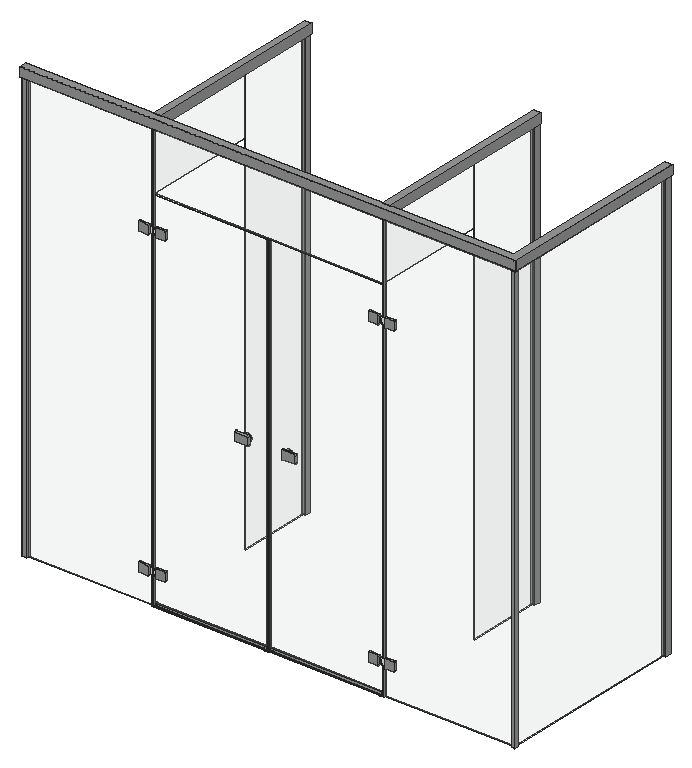
Revit family "Sanitary_Bath-screens_Modular system_Duscholux_SYSTEM210_S21-C", category Aparatos sanitarios, Revit 2019
Family settings
  Cota de conector redondo = Diámetro de uso
  Tipo de pieza = Normal
  Número OmniClass = 23.45.00.00
  Título OmniClass = Sanitary, Laundry, and Cleaning Equipment
  Se basa en plano de trabajo = No
  Siempre vertical = Sí
  Corte con vacíos al cargar = No
  Compartido = No
  Punto de cálculo de habitación = No
Parameters (values of type "Black Aluminium Finish")
  Uper profile guide = Anodized Aluminium_Duscholux Material-Black Finish
  Superior Glass Height = if(Max Doors Height < 2100 mm, 1 mm, (Max Height - 2134 mm))  # 366 mm
  Min Max Length fixed segment 2 = if(Length fixed segment 2 < 180 mm, 180 mm, if(Length fixed segment 2 > 1400 mm, 1400 mm, Length fixed segment 2))  # 750 mm
  Min Max Length fixed segment = if(Length fixed segment 1 < 180 mm, 180 mm, if(Length fixed segment 1 > 1400 mm, 1400 mm, Length fixed segment 1))  # 750 mm
  Min Max Doors aperture = if(Doors aperture < 400 mm, 400 mm, if(Doors aperture > 1000 mm, 1000 mm, Doors aperture))  # 650 mm
  Min Max Length Central fixed segments = if(Length Central fixed segments < 180 mm, 180 mm, if(Length Central fixed segments > 1400 mm, 1400 mm, Length Central fixed segments))  # 450 mm
  Max Doors Height = if(Max Height > 2154 mm, 2100 mm, (Max Height - 34 mm))  # 2100 mm
  Length fixed segment 2 = 750 mm
  Length fixed segment 1 = 750 mm
  Lenght = Min Max Length fixed segment + Min Max Length fixed segment 2 + (Min Max Doors aperture * 2)  # 2800 mm
  Uniclass 2015 Description = "Shower Enclosures"
  Uniclass 2015 Code = "PR-40-20-06-79"
  URL = "http://www.duscholux.es/"
  UNSPSC Code = "30181507"
  Thickness Glass = 6 mm  # constant formula
  Thickness Fixed Segment = 8 mm  # constant formula
  Technical Inspection Certificate (Applus) = "http://www.duscholux.es/resources/custom/var/APPLUS_en.pdf"
  Series = "SYSTEM 210"
  Ref. = "S21_C"
  Products = "http://www.duscholux.es/mamparas_filtro.aspx?es"
  Openning right angle = 0.00°
  Openning left angle = 0.00°
  Opening System Image = "https://duscholux.es/resources/custom/img/System21/S21_C.jpg"
  Opening System = "Pivot Door"
  NBS Reference Description = "Shower Enclosures"
  NBS Reference Code = "45-35-70"
  Model = ""
  Max Height = if(Height < 1900 mm, 1900 mm, if(Height > 2500 mm, 2500 mm, Height))  # 2500 mm
  Maintenance and Cleaning = "http://www.duscholux.es/mamparas_limpieza.aspx?en"
  Image = "https://duscholux.es/resources/custom/img/System21/System21%205%20NEGRO%20baja.jpg"
  IFC Classification = "Furnishing Element"
  Height = 2500 mm
  Handle Material = Anodized Aluminium_Duscholux Material-Black Finish
  Handle Height = Max Doors Height / 2  # 1050 mm
  Glass in Building UNE EN 12150 = "CE Conformity marking"
  Glass Material = Glass_Material-Duscholux
  Frame Material = Anodized Aluminium_Duscholux Material-Black Finish
  Length Central fixed segments = 450 mm
  Fact Sheet = "https://duscholux.es/mamparas_system210.aspx?es"
  Fabricante = "Duscholux Ibérica, S.A."
  Environmental Management ISO 14001 = "ECOEMBES Certificate"
  Doors aperture = 650 mm
  Descripción = "Modular system with fixed segments + pivot doors at 180º for different types of rooms"
  Código de montaje = "C1030200"
  Configuration enclosure = "http://configuratumampara.duscholux.es/eCatalogo.aspx"
  Components = "Eropean components"
  Type Comments = ""
  Combinations = "Customizable upper guide"
  Certified Quality UNE EN 14428 = "http://www.duscholux.es/duscholux_downloads.aspx?es"
  COBIe Type Category = ""
  Accesories Material = Anodized Aluminium_Duscholux Material-Black Finish
Reference planes
  plane 1 "Centro (Frontal/Posterior)": y = 0
  plane 2: z = 0
  plane 3 "Centro (Izquierda/Derecha)": x = 0
  plane 4 "Altura total": z = 2500
  plane 5 "Altura tiradores": z = 1050
  plane 6: x = 4
  plane 7: y = 0
  plane 8 "Espesor puertas": y = 6
  plane 9 "Longitud total": x = 2800
  plane 10: z = 1920
  plane 11 "Espesor fijos": y = 8
  plane 12: x = 750
  plane 13: z = 8
  plane 14 "Altura bisagra inferior": z = 180
  plane 15: x = 2050
  plane 16 "Ancho total": y = 1100
  plane 17: x = 2796
  plane 18: x = 2804
  plane 19 "Inicio guía superior": z = 2446
  plane 20: z = 1920
  plane 21 "Altura vidrios": z = 2466
  plane 22 "Altura puertas": z = 2100
  plane 23 "Altura bisagra superior": z = 1920
  plane 24: y = 3
  plane 25 "Eje inicio puerta 1": x = 747
  plane 26 "Eje inicio puerta 2": x = 2053
  plane 27: y = 650
  plane 28: y = 0
Forms (mm)
  Extrusion 1, solid, material "Glass_Material-Duscholux" <- "Glass Material"
    sketch origin (0, 0, 0) x (1, 0, 0) y (0, 1, 0)
      loop
        line (6, 8) -> (6, 0) -> (744, 0) -> (744, 8) -> (6, 8)
    from 0 to 2466
  Extrusion 2, solid, material "Glass_Material-Duscholux" <- "Glass Material"
    sketch origin (750, 0, 0) x (1, 0, 0) y (0, 1, 0)
      loop
        line (0, 6) -> (0, 0) -> (644.7, 0) -> (644.7, 6) -> (0, 6)
    from 8 to 2100
  Extrusion 3, solid, material "Plástico, transparente"
    sketch origin (-322.583, -171.096, 0) x (1, 0, 0) y (0, 1, 0)
      loop
        line (1066.583, 179.096) -> (1066.583, 171.096) -> (1061.583, 171.096) -> (1061.583, 170.096) -> (1066.583, 170.096) -> (1071.183, 170.096)
        arc (1071.183, 170.096) -> (1072.583, 175.096) -> (1071.183, 180.096) r 9.629
        line (1071.183, 180.096) -> (1066.583, 180.096) -> (1061.583, 180.096) -> (1061.583, 179.096) -> (1066.583, 179.096)
      loop
        line (1067.583, 170.596) -> (1070.927, 170.596)
        arc (1070.927, 170.596) -> (1072.083, 175.096) -> (1070.927, 179.596) r 9.338
        line (1070.927, 179.596) -> (1067.583, 179.596) -> (1067.583, 170.596)
    from 1937.5 to 2446
  Extrusion 4, solid, material "Plástico, transparente"
    sketch origin (-322.583, -171.096, 0) x (1, 0, 0) y (0, 1, 0)
      loop
        line (1066.583, 179.096) -> (1066.583, 171.096) -> (1061.583, 171.096) -> (1061.583, 170.096) -> (1066.583, 170.096) -> (1071.183, 170.096)
        arc (1071.183, 170.096) -> (1072.583, 175.096) -> (1071.183, 180.096) r 9.629
        line (1071.183, 180.096) -> (1066.583, 180.096) -> (1061.583, 180.096) -> (1061.583, 179.096) -> (1066.583, 179.096)
      loop
        line (1067.583, 170.596) -> (1070.927, 170.596)
        arc (1070.927, 170.596) -> (1072.083, 175.096) -> (1070.927, 179.596) r 9.338
        line (1070.927, 179.596) -> (1067.583, 179.596) -> (1067.583, 170.596)
    from 197.5 to 1902.5
  Extrusion 5, solid, material "Plástico, transparente"
    sketch origin (-322.583, -171.096, 0) x (1, 0, 0) y (0, 1, 0)
      loop
        line (1066.583, 179.096) -> (1066.583, 171.096) -> (1061.583, 171.096) -> (1061.583, 170.096) -> (1066.583, 170.096) -> (1071.183, 170.096)
        arc (1071.183, 170.096) -> (1072.583, 175.096) -> (1071.183, 180.096) r 9.629
        line (1071.183, 180.096) -> (1066.583, 180.096) -> (1061.583, 180.096) -> (1061.583, 179.096) -> (1066.583, 179.096)
      loop
        line (1067.583, 170.596) -> (1070.927, 170.596)
        arc (1070.927, 170.596) -> (1072.083, 175.096) -> (1070.927, 179.596) r 9.338
        line (1070.927, 179.596) -> (1067.583, 179.596) -> (1067.583, 170.596)
    from 0 to 162.5
  Extrusion 6, solid, material "Glass_Material-Duscholux" <- "Glass Material"
    sketch origin (1400, 0, 0) x (1, 0, 0) y (0, 1, 0)
      loop
        line (5.3, 6) -> (5.3, 0) -> (650, 0) -> (650, 6) -> (5.3, 6)
    from 8 to 2100
  Extrusion 7, solid, material "Plástico, transparente"
    sketch origin (1622.583, -171.096, 0) x (-1, 0, 0) y (0, -1, 0)
      loop
        line (-433.417, -179.096) -> (-438.417, -179.096) -> (-438.417, -180.096) -> (-433.417, -180.096) -> (-428.817, -180.096)
        arc (-428.817, -180.096) -> (-427.417, -175.096) -> (-428.817, -170.096) r 9.629
        line (-428.817, -170.096) -> (-433.417, -170.096) -> (-438.417, -170.096) -> (-438.417, -171.096) -> (-433.417, -171.096) -> (-433.417, -179.096)
      loop
        line (-432.417, -170.596) -> (-432.417, -179.596) -> (-429.073, -179.596)
        arc (-429.073, -179.596) -> (-427.917, -175.096) -> (-429.073, -170.596) r 9.338
        line (-429.073, -170.596) -> (-432.417, -170.596)
    from 1937.5 to 2446
  Extrusion 8, solid, material "Glass_Material-Duscholux" <- "Glass Material"
    sketch origin (0, 0, 0) x (1, 0, 0) y (0, 1, 0)
      loop
        line (2056, 8) -> (2056, 0) -> (2790.153, 0) -> (2790.153, 8) -> (2056, 8)
    from 0 to 2466
  Extrusion 9, solid, material "Plástico, transparente"
    sketch origin (1622.583, -171.096, 0) x (-1, 0, 0) y (0, -1, 0)
      loop
        line (-433.417, -179.096) -> (-438.417, -179.096) -> (-438.417, -180.096) -> (-433.417, -180.096) -> (-428.817, -180.096)
        arc (-428.817, -180.096) -> (-427.417, -175.096) -> (-428.817, -170.096) r 9.629
        line (-428.817, -170.096) -> (-433.417, -170.096) -> (-438.417, -170.096) -> (-438.417, -171.096) -> (-433.417, -171.096) -> (-433.417, -179.096)
      loop
        line (-432.417, -170.596) -> (-432.417, -179.596) -> (-429.073, -179.596)
        arc (-429.073, -179.596) -> (-427.917, -175.096) -> (-429.073, -170.596) r 9.338
        line (-429.073, -170.596) -> (-432.417, -170.596)
    from 197.5 to 1902.5
  Extrusion 10, solid, material "Plástico, transparente"
    sketch origin (1622.583, -171.096, 0) x (-1, 0, 0) y (0, -1, 0)
      loop
        line (-433.417, -179.096) -> (-438.417, -179.096) -> (-438.417, -180.096) -> (-433.417, -180.096) -> (-428.817, -180.096)
        arc (-428.817, -180.096) -> (-427.417, -175.096) -> (-428.817, -170.096) r 9.629
        line (-428.817, -170.096) -> (-433.417, -170.096) -> (-438.417, -170.096) -> (-438.417, -171.096) -> (-433.417, -171.096) -> (-433.417, -179.096)
      loop
        line (-432.417, -170.596) -> (-432.417, -179.596) -> (-429.073, -179.596)
        arc (-429.073, -179.596) -> (-427.917, -175.096) -> (-429.073, -170.596) r 9.338
        line (-429.073, -170.596) -> (-432.417, -170.596)
    from 0 to 162.5
  Extrusion 11, solid, material "Anodized Aluminium_Duscholux Material-Black Finish" <- "Frame Material"
    sketch origin (-3.847, 0, 0) x (1, 0, 0) y (0, 1, 0)
      loop
        line (2799.647, 14.15) -> (2799.647, 17.65) -> (2797.497, 17.65) -> (2797.497, 10.35) -> (2790.5, 10.35) -> (2790.5, 8.2) -> (2794, 8.2) -> (2794, -0.2) -> (2790.5, -0.2) -> (2790.5, -2.35) -> (2810.197, -2.35) -> (2810.197, 17.65) -> (2808.047, 17.65) -> (2808.047, 14.15) -> (2799.647, 14.15)
    from 0 to 2446
  Extrusion 12, solid, material "Glass_Material-Duscholux" <- "Glass Material"
    sketch origin (0, 0, 0) x (1, 0, 0) y (0, 1, 0)
      loop
        line (2796, 14.15) -> (2804, 14.15) -> (2804, 1093.362) -> (2796, 1093.362) -> (2796, 14.15)
    from 0 to 2466
  Extrusion 13, solid, material "Anodized Aluminium_Duscholux Material-Black Finish" <- "Frame Material"
    sketch origin (0, 99.299, 0) x (1, 0, 0) y (0, 1, 0)
      loop
        line (2790, 999.201) -> (2810, 999.201) -> (2810, 979.851) -> (2804.3, 979.851) -> (2804.3, 969.201) -> (2811.5, 969.201) -> (2811.5, 1000.701) -> (2788.5, 1000.701) -> (2788.5, 969.201) -> (2795.7, 969.201) -> (2795.7, 979.851) -> (2790, 979.851) -> (2790, 999.201)
    from 0 to 2446
  Extrusion 14, solid, material "Anodized Aluminium_Duscholux Material-Black Finish" <- "Accesories Material"
    sketch origin (0, 0, 0) x (1, 0, 0) y (0, 0, 1)
      loop
        line (2821.849, 2446) -> (2821.849, 2447.8) -> (2819.349, 2447.8) -> (2819.349, 2498.2) -> (2821.849, 2498.2) -> (2821.849, 2500) -> (2780.019, 2500) -> (2780.019, 2446) -> (2794.119, 2446) -> (2794.119, 2488.9) -> (2805.881, 2488.9) -> (2805.881, 2446) -> (2821.849, 2446)
    from -1100 to -23.981
  Extrusion 15, solid, material "Anodized Aluminium_Duscholux Material-Black Finish" <- "Accesories Material"
    sketch origin (0, 0, 0) x (0, 1, 0) y (0, 0, 1)
      loop
        line (-17.849, 2500) -> (-17.849, 2498.2) -> (-15.349, 2498.2) -> (-15.349, 2447.8) -> (-17.849, 2447.8) -> (-17.849, 2446) -> (-1.881, 2446) -> (-1.881, 2488.9) -> (9.881, 2488.9) -> (9.881, 2446) -> (23.981, 2446) -> (23.981, 2500) -> (-17.849, 2500)
    from 0 to 2819.546
  Extrusion 16, solid, material "Anodized Aluminium_Duscholux Material-Black Finish" <- "Uper profile guide"
    sketch origin (0, 0, 0) x (1, 0, 0) y (0, 0, 1)
      loop
        line (2821.946, 2498) -> (2819.546, 2498) -> (2819.546, 2448) -> (2821.946, 2448) -> (2821.946, 2498)
    from -1100 to 15.349
  Extrusion 17, solid, material "Anodized Aluminium_Duscholux Material-Black Finish" <- "Uper profile guide"
    sketch origin (0, 0, 0) x (0, 1, 0) y (0, 0, 1)
      loop
        line (-15.546, 2498) -> (-17.946, 2498) -> (-17.946, 2448) -> (-15.546, 2448) -> (-15.546, 2498)
    from 0 to 2821.946
  Extrusion 18, solid, material "Anodized Aluminium_Duscholux Material-Black Finish" <- "Accesories Material"
    sketch origin (0, 0, 0) x (1, 0, 0) y (0, 0, 1)
      loop
        line (2821.849, 2500) -> (2819.546, 2500) -> (2819.546, 2498.2) -> (2821.849, 2498.2) -> (2821.849, 2500)
    from -23.981 to 17.849
  Extrusion 19, solid, material "Anodized Aluminium_Duscholux Material-Black Finish" <- "Accesories Material"
    sketch origin (0, 0, 0) x (1, 0, 0) y (0, 0, 1)
      loop
        line (2821.849, 2446) -> (2821.849, 2447.8) -> (2819.546, 2447.8) -> (2819.546, 2446) -> (2821.849, 2446)
    from -23.981 to 17.849
  Extrusion 20, solid, material "Glass_Material-Duscholux" <- "Glass Material"
    sketch origin (0, 0, 0) x (1, 0, 0) y (0, 1, 0)
      loop
        line (2050, 8) -> (750, 8) -> (750, 0) -> (2050, 0) -> (2050, 8)
    from 2100 to 2466
  Extrusion 21, solid, material "Anodized Aluminium_Duscholux Material-Black Finish" <- "Frame Material"
    sketch origin (773.934, 0, 0) x (1, 0, 0) y (0, 0, 1)
      loop
        line (1299.981, 2500) -> (1258.151, 2500) -> (1258.151, 2446) -> (1274.119, 2446) -> (1274.119, 2488.9) -> (1285.881, 2488.9) -> (1285.881, 2446) -> (1299.981, 2446) -> (1299.981, 2500)
    from -1100 to -23.981
  Extrusion 22, solid, material "Anodized Aluminium_Duscholux Material-Black Finish" <- "Frame Material"
    sketch origin (-772.066, 0, 0) x (1, 0, 0) y (0, 0, 1)
      loop
        line (1539.981, 2500) -> (1498.151, 2500) -> (1498.151, 2446) -> (1514.119, 2446) -> (1514.119, 2488.9) -> (1525.881, 2488.9) -> (1525.881, 2446) -> (1539.981, 2446) -> (1539.981, 2500)
    from -1100 to -23.981
  Extrusion 23, solid, material "Anodized Aluminium_Duscholux Material-Black Finish" <- "Frame Material"
    sketch origin (-77, 99.299, 0) x (1, 0, 0) y (0, 1, 0)
      loop
        line (2120, 999.201) -> (2140, 999.201) -> (2140, 979.851) -> (2134.3, 979.851) -> (2134.3, 969.201) -> (2141.5, 969.201) -> (2141.5, 1000.701) -> (2118.5, 1000.701) -> (2118.5, 969.201) -> (2125.7, 969.201) -> (2125.7, 979.851) -> (2120, 979.851) -> (2120, 999.201)
    from 0 to 2446
  Extrusion 24, solid, material "Anodized Aluminium_Duscholux Material-Black Finish" <- "Frame Material"
    sketch origin (-1623, 99.299, 0) x (1, 0, 0) y (0, 1, 0)
      loop
        line (2360, 999.201) -> (2380, 999.201) -> (2380, 979.851) -> (2374.3, 979.851) -> (2374.3, 969.201) -> (2381.5, 969.201) -> (2381.5, 1000.701) -> (2358.5, 1000.701) -> (2358.5, 969.201) -> (2365.7, 969.201) -> (2365.7, 979.851) -> (2360, 979.851) -> (2360, 999.201)
    from 0 to 2446
  Extrusion 25, solid, material "Anodized Aluminium_Duscholux Material-Black Finish" <- "Frame Material"
    sketch origin (900.701, -2096, 0) x (0, 1, 0) y (-1, 0, 0)
      loop
        line (2090, 899.201) -> (2110, 899.201) -> (2110, 879.851) -> (2104.3, 879.851) -> (2104.3, 869.201) -> (2111.5, 869.201) -> (2111.5, 900.701) -> (2088.5, 900.701) -> (2088.5, 869.201) -> (2095.7, 869.201) -> (2095.7, 879.851) -> (2090, 879.851) -> (2090, 899.201)
    from 0 to 2446
  Extrusion 26, solid, material "Anodized Aluminium_Duscholux Material-Black Finish" <- "Frame Material"
    sketch origin (1400, 0, 0) x (1, 0, 0) y (0, 1, 0)
      loop
        line (7.26, 6.095) -> (7.26, 7.095) -> (4.408, 7.807) -> (0.7, 7.547) -> (0, 6.593) -> (0, -0.593) -> (0.7, -1.547) -> (4.408, -1.807) -> (7.26, -1.095) -> (7.26, -0.095) -> (5.3, -0.095) -> (5.3, 3) -> (5.3, 6.095) -> (7.26, 6.095)
    from 0 to 2100
  Extrusion 27, solid, material "Anodized Aluminium_Duscholux Material-Black Finish" <- "Frame Material"
    sketch origin (750, 0, 0) x (1, 0, 0) y (0, 1, 0)
      loop
        line (649.3, 7.547) -> (645.592, 7.807) -> (642.74, 7.095) -> (642.74, 6.095) -> (644.7, 6.095) -> (644.7, 3) -> (644.7, -0.095) -> (642.74, -0.095) -> (642.74, -1.095) -> (645.592, -1.807) -> (649.3, -1.547) -> (650, -0.593) -> (650, 6.593) -> (649.3, 7.547)
    from 0 to 2100
  Extrusion 28, solid, material "Glass_Material-Duscholux" <- "Glass Material"
    sketch origin (0, 0, 0) x (1, 0, 0) y (0, 1, 0)
      loop
        line (743, 650) -> (743, 9.881) -> (751, 9.881) -> (751, 650) -> (743, 650)
    from 2100 to 2466
  Extrusion 29, solid, material "Glass_Material-Duscholux" <- "Glass Material"
    sketch origin (0, 0, 0) x (1, 0, 0) y (0, 1, 0)
      loop
        line (751, 650) -> (751, 1093.106) -> (743, 1093.106) -> (743, 650) -> (751, 650)
    from 0 to 2466
  Extrusion 30, solid, material "Glass_Material-Duscholux" <- "Glass Material"
    sketch origin (0, 0, 0) x (1, 0, 0) y (0, 1, 0)
      loop
        line (2057, 9.881) -> (2057, 650) -> (2049.03, 650) -> (2049.03, 9.881) -> (2057, 9.881)
    from 2100 to 2466
  Extrusion 31, solid, material "Glass_Material-Duscholux" <- "Glass Material"
    sketch origin (0, 0, 0) x (1, 0, 0) y (0, 1, 0)
      loop
        line (2057, 650) -> (2057, 1093.362) -> (2049.03, 1093.362) -> (2049.03, 650) -> (2057, 650)
    from 0 to 2466
Cuts and joins
  joined: Extrusion 14, Extrusion 15, Extrusion 18, Extrusion 19
Lines and regions (mm)
  reference lines
    curve 1: line (750, 0, 0) -> (1400, 0, 0)
    curve 2: line (1400, 0, 0) -> (2050, 0, 0)
    curve 7: line (1520.26, -53.508, 0) -> (1520.26, 156.492, 0)
  symbolic lines
    curve 3: line (750, 650, 0) -> (750, 0, 0)
    curve 4: line (2050, 650, 0) -> (2050, 0, 0)
    curve 5: line (2050, -650, 0) -> (2050, 0, 0)
    curve 6: arc (2050, -650, 0) -> (1400, 0, 0) -> (2050, 650, 0) r 650
    curve 8: arc (750, -650, 0) -> (1400, 0, 0) -> (750, 650, 0) r 650
    curve 9: line (750, -650, 0) -> (750, 0, 0)
Dimensions and locks
  locked: plane 3 "Centro (Izquierda/Derecha)" to plane 6 at 4
  "Handle Height": plane 5 "Altura tiradores" to level
  "Lenght": plane 3 "Centro (Izquierda/Derecha)" to plane 9 "Longitud total"
  locked: nested 3 to Extrusion 4 at 17.5
  locked: Extrusion 3 to plane 10 at 17.5
  "Min Max Length fixed segment": plane 3 "Centro (Izquierda/Derecha)" to plane 12
  locked: nested 3 to plane 12 at 6
  locked: plane 12 to nested 3 at 6
  "Min Max Doors aperture": curve 1 to curve 1
  locked: plane 13 to level at 8
  locked: plane 14 "Altura bisagra inferior" to level at 180
  "Max Height": plane 4 "Altura total" to level
  "Min Max Length fixed segment 2": plane 15 to plane 9 "Longitud total"
  "Min Max Doors aperture": curve 2 to curve 2
  "Min Max Doors aperture": curve 3 to curve 3
  "Min Max Doors aperture": curve 4 to curve 4
  "Min Max Doors aperture": curve 5 to curve 5
  "Thickness Fixed Segment": Extrusion 1 to Extrusion 1
  "Thickness Fixed Segment": Extrusion 8 to Extrusion 8
  plane 17 to plane 9 "Longitud total" to plane 18 = 4 mm locked, 4 mm locked
  locked: plane 16 "Ancho total" to Extrusion 12 at 6.638
  locked: Extrusion 14 to plane 9 "Longitud total" at 19.981
  locked: plane 9 "Longitud total" to Extrusion 16 at 19.546
  locked: Extrusion 16 to cut or joined group of Extrusion 14, Extrusion 15, Extrusion 18, Extrusion 19 at 2.4
  locked: plane 4 "Altura total" to plane 19 "Inicio guía superior" at 54
  locked: plane 21 "Altura vidrios" to plane 19 "Inicio guía superior" at 20
  "Max Doors Height": plane 22 "Altura puertas" to level
  locked: plane 22 "Altura puertas" to plane 23 "Altura bisagra superior" at 180
  "Superior Glass Height": Extrusion 20 to plane 22 "Altura puertas"
  locked: plane 25 "Eje inicio puerta 1" to plane 12 at 3
  locked: plane 15 to plane 26 "Eje inicio puerta 2" at 3
  locked: Extrusion 25 to plane 7 at 7.5
  "Min Max Doors aperture": plane 27 to plane 7
  "Superior Glass Height": Extrusion 28 to plane 22 "Altura puertas"
  locked: plane 16 "Ancho total" to Extrusion 29 at 6.894
  "Superior Glass Height": Extrusion 30 to plane 22 "Altura puertas"
  "Min Max Length Central fixed segments": plane 16 "Ancho total" to plane 27
  "Min Max Doors aperture": curve 9 to curve 9
  "Openning right angle": angle plane 7 to curve 2
  locked: curve 7 to curve 2 (angle 90.00°)
  "Openning left angle": angle curve 1 to plane 28
  aligned and locked: level to plane 2
  aligned and locked: plane 12 to curve 1
  aligned and locked: plane 7 to curve 1
  aligned and locked: nested 3 to plane 10
  aligned and locked: nested 4 to Extrusion 2
  aligned and locked: nested 2 to Extrusion 2
  aligned and locked: nested 5 to plane 10
  aligned and locked: nested 5 to Extrusion 2
  aligned and locked: Extrusion 2 to plane 13
  aligned and locked: Extrusion 5 to level
  aligned and locked: curve 2 to plane 7
  aligned and locked: plane 15 to curve 2
  aligned and locked: Extrusion 2 to Extrusion 6
  aligned and locked: plane 10 to nested 9
  aligned and locked: plane 10 to nested 7
  aligned and locked: Extrusion 3 to Extrusion 7
  aligned and locked: Extrusion 9 to Extrusion 4
  aligned and locked: Extrusion 4 to Extrusion 9
  aligned and locked: Extrusion 10 to Extrusion 8
  aligned and locked: Extrusion 10 to Extrusion 5
  aligned and locked: Extrusion 8 to nested 9
  aligned and locked: Extrusion 8 to nested 8
  aligned and locked: plane 5 "Altura tiradores" to nested 12
  aligned and locked: nested 11 to plane 5 "Altura tiradores"
  aligned and locked: Extrusion 8 to Extrusion 11
  aligned and locked: Extrusion 12 sketch curve to plane 17
  aligned and locked: plane 18 to Extrusion 12 sketch curve
  aligned and locked: plane 16 "Ancho total" to Extrusion 13
  aligned and locked: plane 16 "Ancho total" to Extrusion 14
  aligned and locked: plane 19 "Inicio guía superior" to Extrusion 13
  aligned and locked: plane 19 "Inicio guía superior" to Extrusion 7
  aligned and locked: plane 16 "Ancho total" to Extrusion 16
  aligned and locked: Extrusion 15 to Extrusion 17
  aligned and locked: Extrusion 15 to Extrusion 16
  aligned and locked: Extrusion 18 sketch curve to cut or joined group of Extrusion 14, Extrusion 15, Extrusion 18, Extrusion 19  (x3)
  aligned and locked: cut or joined group of Extrusion 14, Extrusion 15, Extrusion 18, Extrusion 19 to Extrusion 18 sketch curve
  aligned and locked: Extrusion 18 to cut or joined group of Extrusion 14, Extrusion 15, Extrusion 18, Extrusion 19
  aligned and locked: Extrusion 19 sketch curve to cut or joined group of Extrusion 14, Extrusion 15, Extrusion 18, Extrusion 19  (x3)
  aligned and locked: cut or joined group of Extrusion 14, Extrusion 15, Extrusion 18, Extrusion 19 to Extrusion 19 sketch curve
  aligned and locked: Extrusion 19 to cut or joined group of Extrusion 14, Extrusion 15, Extrusion 18, Extrusion 19  (x2)
  aligned and locked: Extrusion 17 to Extrusion 16
  aligned and locked: plane 19 "Inicio guía superior" to Extrusion 11
  aligned and locked: Extrusion 15 to plane 3 "Centro (Izquierda/Derecha)"
  aligned and locked: Extrusion 3 to cut or joined group of Extrusion 14, Extrusion 15, Extrusion 18, Extrusion 19
  aligned and locked: cut or joined group of Extrusion 14, Extrusion 15, Extrusion 18, Extrusion 19 to plane 19 "Inicio guía superior"
  aligned and locked: plane 21 "Altura vidrios" to Extrusion 12
  aligned and locked: plane 21 "Altura vidrios" to Extrusion 8
  aligned and locked: plane 21 "Altura vidrios" to Extrusion 1
  aligned and locked: plane 22 "Altura puertas" to Extrusion 6
  aligned and locked: plane 22 "Altura puertas" to Extrusion 2
  aligned and locked: plane 10 to plane 23 "Altura bisagra superior"
  aligned and locked: Extrusion 20 to Extrusion 6
  aligned and locked: plane 15 to Extrusion 20
  aligned and locked: plane 16 "Ancho total" to Extrusion 21
  aligned and locked: plane 16 "Ancho total" to Extrusion 22
  aligned and locked: plane 19 "Inicio guía superior" to Extrusion 23
  aligned and locked: plane 19 "Inicio guía superior" to Extrusion 24
  aligned and locked: Extrusion 25 to plane 3 "Centro (Izquierda/Derecha)"
  aligned and locked: plane 19 "Inicio guía superior" to Extrusion 25
  aligned and locked: Extrusion 26 to nested 10
  aligned and locked: plane 22 "Altura puertas" to Extrusion 26
  aligned and locked: Extrusion 27 to Extrusion 2
  aligned and locked: plane 22 "Altura puertas" to Extrusion 27
  aligned and locked: nested 4 to Extrusion 27
  aligned and locked: Extrusion 28 to Extrusion 2
  aligned and locked: cut or joined group of Extrusion 14, Extrusion 15, Extrusion 18, Extrusion 19 to Extrusion 28
  aligned and locked: Extrusion 29 sketch curve to Extrusion 28
  aligned and locked: Extrusion 29 to plane 27
  aligned and locked: plane 21 "Altura vidrios" to Extrusion 29
  aligned and locked: plane 27 to Extrusion 30
  aligned and locked: cut or joined group of Extrusion 14, Extrusion 15, Extrusion 18, Extrusion 19 to Extrusion 30
  aligned and locked: Extrusion 30 to plane 22 "Altura puertas"
  aligned and locked: Extrusion 31 sketch curve to Extrusion 30
  aligned and locked: Extrusion 12 to Extrusion 31
  aligned and locked: plane 21 "Altura vidrios" to Extrusion 31
  aligned and locked: Extrusion 20 to plane 12
  aligned and locked: nested 12 to curve 7
  aligned and locked: plane 28 to plane 1 "Centro (Frontal/Posterior)"
  aligned and locked: Extrusion 6 to curve 2
  aligned and locked: nested 10 to Extrusion 6
Automatic sketch dimensions
  curve 2 to curve 7 = 120.26 mm
  curve 2 to curve 7 = 53.508 mm
  curve 3 to plane 12 = 0 mm
  curve 6 to plane 15 = 0 mm
  plane 1 "Centro (Frontal/Posterior)" to curve 5 = 0 mm
  plane 1 "Centro (Frontal/Posterior)" to curve 9 = 0 mm
  plane 1 "Centro (Frontal/Posterior)" to Extrusion 1 sketch curve = 0 mm
  Extrusion 1 sketch curve to plane 11 "Espesor fijos" = 0 mm
  plane 6 to Extrusion 1 sketch curve = 2 mm
  Extrusion 1 sketch curve to plane 25 "Eje inicio puerta 1" = 3 mm
  Extrusion 2 sketch curve to curve 1 = 0 mm  (x2)
  curve 1 to Extrusion 2 sketch curve = 6 mm
  Extrusion 2 sketch curve to curve 1 = 5.3 mm
  Extrusion 3 sketch curve to plane 11 "Espesor fijos" = 0 mm
  plane 1 "Centro (Frontal/Posterior)" to Extrusion 3 sketch curve = 0 mm
  Extrusion 3 sketch curve to plane 25 "Eje inicio puerta 1" = 8 mm
  Extrusion 3 sketch curve to Extrusion 3 sketch curve = 0 mm  (x4)
  Extrusion 3 sketch curve to plane 24 = 1 mm
  Extrusion 3 sketch curve to Extrusion 3 sketch curve = 1.162 mm
  Extrusion 3 sketch curve to Extrusion 3 sketch curve = 0.209 mm
  Extrusion 3 sketch curve to plane 25 "Eje inicio puerta 1" = 3 mm
  plane 1 "Centro (Frontal/Posterior)" to Extrusion 3 sketch curve = 0.5 mm
  Extrusion 3 sketch curve to Extrusion 3 sketch curve = 1 mm  (x2)
  plane 11 "Espesor fijos" to Extrusion 3 sketch curve = 0.5 mm
  plane 25 "Eje inicio puerta 1" to Extrusion 3 sketch curve = 1.344 mm
  Extrusion 3 sketch curve to Extrusion 3 sketch curve = 0.256 mm  (x2)
  Extrusion 4 sketch curve to plane 11 "Espesor fijos" = 0 mm
  plane 1 "Centro (Frontal/Posterior)" to Extrusion 4 sketch curve = 0 mm
  Extrusion 4 sketch curve to plane 25 "Eje inicio puerta 1" = 8 mm
  Extrusion 4 sketch curve to Extrusion 4 sketch curve = 0 mm  (x4)
  Extrusion 4 sketch curve to plane 24 = 1 mm
  Extrusion 4 sketch curve to Extrusion 4 sketch curve = 1.162 mm
  Extrusion 4 sketch curve to Extrusion 4 sketch curve = 0.209 mm
  Extrusion 4 sketch curve to plane 25 "Eje inicio puerta 1" = 3 mm
  plane 1 "Centro (Frontal/Posterior)" to Extrusion 4 sketch curve = 0.5 mm
  Extrusion 4 sketch curve to Extrusion 4 sketch curve = 1 mm  (x2)
  plane 11 "Espesor fijos" to Extrusion 4 sketch curve = 0.5 mm
  plane 25 "Eje inicio puerta 1" to Extrusion 4 sketch curve = 1.344 mm
  Extrusion 4 sketch curve to Extrusion 4 sketch curve = 0.256 mm  (x2)
  Extrusion 5 sketch curve to plane 11 "Espesor fijos" = 0 mm
  plane 1 "Centro (Frontal/Posterior)" to Extrusion 5 sketch curve = 0 mm
  Extrusion 5 sketch curve to plane 25 "Eje inicio puerta 1" = 8 mm
  Extrusion 5 sketch curve to Extrusion 5 sketch curve = 0 mm  (x4)
  Extrusion 5 sketch curve to plane 24 = 1 mm
  Extrusion 5 sketch curve to Extrusion 5 sketch curve = 1.162 mm
  Extrusion 5 sketch curve to Extrusion 5 sketch curve = 0.209 mm
  Extrusion 5 sketch curve to plane 25 "Eje inicio puerta 1" = 3 mm
  plane 1 "Centro (Frontal/Posterior)" to Extrusion 5 sketch curve = 0.5 mm
  Extrusion 5 sketch curve to Extrusion 5 sketch curve = 1 mm  (x2)
  plane 11 "Espesor fijos" to Extrusion 5 sketch curve = 0.5 mm
  plane 25 "Eje inicio puerta 1" to Extrusion 5 sketch curve = 1.344 mm
  Extrusion 5 sketch curve to Extrusion 5 sketch curve = 0.256 mm  (x2)
  curve 2 to Extrusion 6 sketch curve = 0 mm  (x2)
  curve 2 to Extrusion 6 sketch curve = 5.3 mm
  curve 2 to Extrusion 6 sketch curve = 6 mm
  Extrusion 7 sketch curve to plane 11 "Espesor fijos" = 0 mm
  plane 1 "Centro (Frontal/Posterior)" to Extrusion 7 sketch curve = 0 mm
  Extrusion 7 sketch curve to plane 26 "Eje inicio puerta 2" = 8 mm
  Extrusion 7 sketch curve to Extrusion 7 sketch curve = 0 mm  (x4)
  plane 24 to Extrusion 7 sketch curve = 1 mm
  Extrusion 7 sketch curve to Extrusion 7 sketch curve = 1.162 mm
  Extrusion 7 sketch curve to Extrusion 7 sketch curve = 0.209 mm
  Extrusion 7 sketch curve to plane 26 "Eje inicio puerta 2" = 3 mm
  Extrusion 7 sketch curve to plane 1 "Centro (Frontal/Posterior)" = 0.5 mm
  Extrusion 7 sketch curve to Extrusion 7 sketch curve = 1 mm
  Extrusion 7 sketch curve to plane 11 "Espesor fijos" = 0.5 mm
  plane 26 "Eje inicio puerta 2" to Extrusion 7 sketch curve = 1.344 mm
  Extrusion 7 sketch curve to Extrusion 7 sketch curve = 0.256 mm  (x2)
  Extrusion 7 sketch curve to plane 1 "Centro (Frontal/Posterior)" = 1 mm
  plane 1 "Centro (Frontal/Posterior)" to Extrusion 8 sketch curve = 0 mm
  Extrusion 8 sketch curve to plane 11 "Espesor fijos" = 0 mm
  plane 26 "Eje inicio puerta 2" to Extrusion 8 sketch curve = 3 mm
  Extrusion 8 sketch curve to plane 17 = 5.847 mm
  Extrusion 9 sketch curve to plane 11 "Espesor fijos" = 0 mm
  plane 1 "Centro (Frontal/Posterior)" to Extrusion 9 sketch curve = 0 mm
  Extrusion 9 sketch curve to plane 26 "Eje inicio puerta 2" = 8 mm
  Extrusion 9 sketch curve to Extrusion 9 sketch curve = 0 mm  (x4)
  plane 24 to Extrusion 9 sketch curve = 1 mm
  Extrusion 9 sketch curve to Extrusion 9 sketch curve = 1.162 mm
  Extrusion 9 sketch curve to Extrusion 9 sketch curve = 0.209 mm
  Extrusion 9 sketch curve to plane 26 "Eje inicio puerta 2" = 3 mm
  Extrusion 9 sketch curve to plane 1 "Centro (Frontal/Posterior)" = 0.5 mm
  Extrusion 9 sketch curve to Extrusion 9 sketch curve = 1 mm
  Extrusion 9 sketch curve to plane 11 "Espesor fijos" = 0.5 mm
  plane 26 "Eje inicio puerta 2" to Extrusion 9 sketch curve = 1.344 mm
  Extrusion 9 sketch curve to Extrusion 9 sketch curve = 0.256 mm  (x2)
  Extrusion 9 sketch curve to plane 1 "Centro (Frontal/Posterior)" = 1 mm
  Extrusion 10 sketch curve to plane 11 "Espesor fijos" = 0 mm
  plane 1 "Centro (Frontal/Posterior)" to Extrusion 10 sketch curve = 0 mm
  Extrusion 10 sketch curve to plane 26 "Eje inicio puerta 2" = 8 mm
  Extrusion 10 sketch curve to Extrusion 10 sketch curve = 0 mm  (x4)
  plane 24 to Extrusion 10 sketch curve = 1 mm
  Extrusion 10 sketch curve to Extrusion 10 sketch curve = 1.162 mm
  Extrusion 10 sketch curve to Extrusion 10 sketch curve = 0.209 mm
  Extrusion 10 sketch curve to plane 26 "Eje inicio puerta 2" = 3 mm
  Extrusion 10 sketch curve to plane 1 "Centro (Frontal/Posterior)" = 0.5 mm
  Extrusion 10 sketch curve to Extrusion 10 sketch curve = 1 mm
  Extrusion 10 sketch curve to plane 11 "Espesor fijos" = 0.5 mm
  plane 26 "Eje inicio puerta 2" to Extrusion 10 sketch curve = 1.344 mm
  Extrusion 10 sketch curve to Extrusion 10 sketch curve = 0.256 mm  (x2)
  Extrusion 10 sketch curve to plane 1 "Centro (Frontal/Posterior)" = 1 mm
  plane 1 "Centro (Frontal/Posterior)" to Extrusion 11 sketch curve = 2.35 mm
  Extrusion 11 sketch curve to plane 17 = 9.347 mm
  plane 11 "Espesor fijos" to Extrusion 11 sketch curve = 0.2 mm
  Extrusion 11 sketch curve to Extrusion 11 sketch curve = 0 mm
  plane 1 "Centro (Frontal/Posterior)" to Extrusion 11 sketch curve = 0.2 mm
  Extrusion 11 sketch curve to Extrusion 11 sketch curve = 3.5 mm  (x3)
  Extrusion 11 sketch curve to plane 17 = 2.35 mm
  Extrusion 11 sketch curve to plane 17 = 0.2 mm
  plane 18 to Extrusion 11 sketch curve = 0.2 mm
  Extrusion 11 sketch curve to Extrusion 11 sketch curve = 2.15 mm  (x2)
  plane 11 "Espesor fijos" to Extrusion 11 sketch curve = 6.15 mm
  plane 11 "Espesor fijos" to Extrusion 12 sketch curve = 6.15 mm
  Extrusion 12 sketch curve to plane 16 "Ancho total" = 6.638 mm
  Extrusion 13 sketch curve to plane 16 "Ancho total" = 0 mm
  Extrusion 13 sketch curve to plane 17 = 7.5 mm
  Extrusion 13 sketch curve to Extrusion 13 sketch curve = 1.5 mm  (x2)
  Extrusion 13 sketch curve to plane 17 = 0.3 mm
  plane 18 to Extrusion 13 sketch curve = 0.3 mm
  Extrusion 13 sketch curve to Extrusion 13 sketch curve = 5.7 mm
  Extrusion 13 sketch curve to plane 16 "Ancho total" = 1.5 mm
  Extrusion 13 sketch curve to Extrusion 13 sketch curve = 19.35 mm
  Extrusion 13 sketch curve to Extrusion 13 sketch curve = 0 mm  (x2)
  Extrusion 13 sketch curve to Extrusion 13 sketch curve = 10.65 mm
  Extrusion 14 sketch curve to plane 4 "Altura total" = 0 mm
  Extrusion 14 sketch curve to plane 19 "Inicio guía superior" = 0 mm
  Extrusion 14 sketch curve to plane 17 = 15.981 mm
  Extrusion 14 sketch curve to plane 17 = 1.881 mm
  plane 18 to Extrusion 14 sketch curve = 1.881 mm
  Extrusion 14 sketch curve to plane 4 "Altura total" = 1.8 mm
  plane 18 to Extrusion 14 sketch curve = 15.349 mm
  Extrusion 14 sketch curve to Extrusion 14 sketch curve = 2.5 mm  (x2)
  plane 19 "Inicio guía superior" to Extrusion 14 sketch curve = 0 mm
  Extrusion 14 sketch curve to Extrusion 14 sketch curve = 1.8 mm
  Extrusion 14 sketch curve to plane 4 "Altura total" = 11.1 mm
  Extrusion 15 sketch curve to plane 4 "Altura total" = 0 mm
  Extrusion 15 sketch curve to plane 19 "Inicio guía superior" = 0 mm  (x2)
  plane 1 "Centro (Frontal/Posterior)" to Extrusion 15 sketch curve = 17.849 mm  (x2)
  plane 19 "Inicio guía superior" to Extrusion 15 sketch curve = 1.8 mm
  Extrusion 15 sketch curve to Extrusion 15 sketch curve = 2.5 mm
  plane 1 "Centro (Frontal/Posterior)" to Extrusion 15 sketch curve = 1.881 mm
  plane 11 "Espesor fijos" to Extrusion 15 sketch curve = 1.881 mm
  plane 11 "Espesor fijos" to Extrusion 15 sketch curve = 15.981 mm
  Extrusion 15 sketch curve to plane 4 "Altura total" = 11.1 mm
  Extrusion 15 sketch curve to plane 4 "Altura total" = 1.8 mm
  Extrusion 16 sketch curve to plane 4 "Altura total" = 2 mm
  plane 18 to Extrusion 16 sketch curve = 15.546 mm
  Extrusion 16 sketch curve to Extrusion 16 sketch curve = 2.4 mm
  plane 19 "Inicio guía superior" to Extrusion 16 sketch curve = 2 mm
  Extrusion 17 sketch curve to plane 4 "Altura total" = 2 mm
  plane 1 "Centro (Frontal/Posterior)" to Extrusion 17 sketch curve = 17.946 mm
  Extrusion 17 sketch curve to Extrusion 17 sketch curve = 2.4 mm
  plane 19 "Inicio guía superior" to Extrusion 17 sketch curve = 2 mm
  Extrusion 20 sketch curve to plane 11 "Espesor fijos" = 0 mm
  Extrusion 20 sketch curve to plane 12 = 0 mm
  plane 1 "Centro (Frontal/Posterior)" to Extrusion 20 sketch curve = 0 mm
  Extrusion 20 sketch curve to plane 15 = 0 mm
  Extrusion 21 sketch curve to plane 4 "Altura total" = 0 mm
  Extrusion 21 sketch curve to plane 19 "Inicio guía superior" = 0 mm  (x2)
  Extrusion 21 sketch curve to plane 15 = 17.915 mm
  Extrusion 21 sketch curve to plane 15 = 1.948 mm
  plane 26 "Eje inicio puerta 2" to Extrusion 21 sketch curve = 6.815 mm
  Extrusion 21 sketch curve to Extrusion 21 sketch curve = 14.1 mm
  Extrusion 21 sketch curve to plane 4 "Altura total" = 11.1 mm
  Extrusion 22 sketch curve to plane 4 "Altura total" = 0 mm
  Extrusion 22 sketch curve to plane 19 "Inicio guía superior" = 0 mm  (x2)
  Extrusion 22 sketch curve to plane 25 "Eje inicio puerta 1" = 20.915 mm
  Extrusion 22 sketch curve to plane 25 "Eje inicio puerta 1" = 4.948 mm
  plane 12 to Extrusion 22 sketch curve = 3.815 mm
  Extrusion 22 sketch curve to Extrusion 22 sketch curve = 14.1 mm
  Extrusion 22 sketch curve to plane 4 "Altura total" = 11.1 mm
  Extrusion 23 sketch curve to plane 16 "Ancho total" = 0 mm
  Extrusion 23 sketch curve to plane 15 = 8.5 mm
  Extrusion 23 sketch curve to Extrusion 23 sketch curve = 1.5 mm  (x2)
  Extrusion 23 sketch curve to plane 15 = 1.3 mm
  plane 26 "Eje inicio puerta 2" to Extrusion 23 sketch curve = 4.3 mm
  Extrusion 23 sketch curve to Extrusion 23 sketch curve = 5.7 mm
  Extrusion 23 sketch curve to plane 16 "Ancho total" = 1.5 mm
  Extrusion 23 sketch curve to Extrusion 23 sketch curve = 19.35 mm
  Extrusion 23 sketch curve to Extrusion 23 sketch curve = 0 mm  (x2)
  Extrusion 23 sketch curve to Extrusion 23 sketch curve = 10.65 mm
  Extrusion 24 sketch curve to plane 16 "Ancho total" = 0 mm
  Extrusion 24 sketch curve to plane 25 "Eje inicio puerta 1" = 11.5 mm
  Extrusion 24 sketch curve to Extrusion 24 sketch curve = 1.5 mm  (x2)
  Extrusion 24 sketch curve to plane 25 "Eje inicio puerta 1" = 4.3 mm
  plane 12 to Extrusion 24 sketch curve = 1.3 mm
  Extrusion 24 sketch curve to Extrusion 24 sketch curve = 5.7 mm
  Extrusion 24 sketch curve to plane 16 "Ancho total" = 1.5 mm
  Extrusion 24 sketch curve to Extrusion 24 sketch curve = 19.35 mm
  Extrusion 24 sketch curve to Extrusion 24 sketch curve = 0 mm  (x2)
  Extrusion 24 sketch curve to Extrusion 24 sketch curve = 10.65 mm
  Extrusion 25 sketch curve to plane 3 "Centro (Izquierda/Derecha)" = 0 mm
  plane 1 "Centro (Frontal/Posterior)" to Extrusion 25 sketch curve = 7.5 mm
  Extrusion 25 sketch curve to Extrusion 25 sketch curve = 1.5 mm  (x2)
  plane 1 "Centro (Frontal/Posterior)" to Extrusion 25 sketch curve = 0.3 mm
  plane 11 "Espesor fijos" to Extrusion 25 sketch curve = 0.3 mm
  Extrusion 25 sketch curve to Extrusion 25 sketch curve = 5.7 mm
  plane 3 "Centro (Izquierda/Derecha)" to Extrusion 25 sketch curve = 1.5 mm
  plane 6 to Extrusion 25 sketch curve = 16.85 mm
  Extrusion 25 sketch curve to Extrusion 25 sketch curve = 0 mm  (x2)
  Extrusion 25 sketch curve to Extrusion 25 sketch curve = 10.65 mm
  Extrusion 26 sketch curve to curve 2 = 0 mm
  Extrusion 26 sketch curve to curve 2 = 0.593 mm
  curve 2 to Extrusion 26 sketch curve = 6.593 mm
  curve 2 to Extrusion 26 sketch curve = 0.7 mm  (x2)
  Extrusion 26 sketch curve to Extrusion 26 sketch curve = 3.708 mm  (x2)
  curve 2 to Extrusion 26 sketch curve = 1.807 mm
  Extrusion 26 sketch curve to Extrusion 26 sketch curve = 0.892 mm
  curve 2 to Extrusion 26 sketch curve = 1.095 mm
  Extrusion 26 sketch curve to Extrusion 26 sketch curve = 1.96 mm  (x2)
  Extrusion 26 sketch curve to curve 2 = 1.547 mm
  curve 2 to Extrusion 26 sketch curve = 0.095 mm
  Extrusion 26 sketch curve to curve 2 = 3 mm
  Extrusion 26 sketch curve to Extrusion 26 sketch curve = 3.095 mm
  Extrusion 26 sketch curve to Extrusion 26 sketch curve = 1 mm
  curve 2 to Extrusion 26 sketch curve = 7.547 mm
  Extrusion 26 sketch curve to Extrusion 26 sketch curve = 1.712 mm
  Extrusion 27 sketch curve to curve 1 = 0 mm
  Extrusion 27 sketch curve to curve 1 = 0.593 mm
  curve 1 to Extrusion 27 sketch curve = 6.593 mm
  Extrusion 27 sketch curve to curve 1 = 0.7 mm  (x2)
  curve 1 to Extrusion 27 sketch curve = 1.807 mm
  Extrusion 27 sketch curve to Extrusion 27 sketch curve = 3.708 mm  (x2)
  Extrusion 27 sketch curve to Extrusion 27 sketch curve = 0.892 mm
  curve 1 to Extrusion 27 sketch curve = 0.095 mm
  Extrusion 27 sketch curve to Extrusion 27 sketch curve = 1.96 mm  (x2)
  Extrusion 27 sketch curve to curve 1 = 1.547 mm
  Extrusion 27 sketch curve to Extrusion 27 sketch curve = 1 mm  (x2)
  Extrusion 27 sketch curve to curve 1 = 3 mm
  Extrusion 27 sketch curve to Extrusion 27 sketch curve = 3.095 mm
  curve 1 to Extrusion 27 sketch curve = 7.547 mm
  Extrusion 27 sketch curve to Extrusion 27 sketch curve = 1.712 mm
  Extrusion 28 sketch curve to plane 27 = 0 mm
  plane 11 "Espesor fijos" to Extrusion 28 sketch curve = 1.881 mm
  Extrusion 28 sketch curve to plane 25 "Eje inicio puerta 1" = 4 mm
  plane 12 to Extrusion 28 sketch curve = 1 mm
  Extrusion 29 sketch curve to plane 27 = 0 mm
  Extrusion 29 sketch curve to plane 25 "Eje inicio puerta 1" = 4 mm
  Extrusion 29 sketch curve to plane 16 "Ancho total" = 6.894 mm
  Extrusion 30 sketch curve to plane 27 = 0 mm
  Extrusion 30 sketch curve to plane 15 = 0.97 mm
  plane 26 "Eje inicio puerta 2" to Extrusion 30 sketch curve = 4 mm
  plane 11 "Espesor fijos" to Extrusion 30 sketch curve = 1.881 mm
  Extrusion 31 sketch curve to plane 27 = 0 mm
  Extrusion 31 sketch curve to plane 15 = 0.97 mm
  Extrusion 31 sketch curve to plane 16 "Ancho total" = 6.638 mm
Nested families
  nested 1: "Hinge (Fixed segment)" at (748, 0, 180) x (1, 0, 0) z (0, -1, 0), type "Hinge (Fixed segment)", detail levels medium+fine
  nested 2: "Hinge (Door)" at (750, 0, 180) x (1, 0, 0) z (0, -1, 0), type "Hinge (Door)", detail levels medium+fine
  nested 3: "Hinge (Fixed segment)" at (748, 0, 1920) x (1, 0, 0) z (0, -1, 0), type "Hinge (Fixed segment)", detail levels medium+fine
  nested 4: "Lower- Guide" at (750, 2.737, 8), type "Lower-Guide", detail levels fine
    with built-in parameter 1001306 2.1087 (stored number, unit not read)
  nested 5: "Hinge (Door)" at (750, 0, 1920) x (1, 0, 0) z (0, -1, 0), type "Hinge (Door)", detail levels medium+fine
  nested 6: "Hinge (Door)" at (2050, 0, 180) x (-1, 0, 0) z (0, -1, 0), type "Hinge (Door)", detail levels medium+fine
  nested 7: "Hinge (Door)" at (2050, 0, 1920) x (-1, 0, 0) z (0, -1, 0), type "Hinge (Door)", detail levels medium+fine
  nested 8: "Hinge (Fixed segment)" at (2052, 0, 180) x (-1, 0, 0) z (0, -1, 0), type "Hinge (Fixed segment)", detail levels medium+fine
  nested 9: "Hinge (Fixed segment)" at (2052, 0, 1920) x (-1, 0, 0) z (0, -1, 0), type "Hinge (Fixed segment)", detail levels medium+fine
  nested 10: "Lower- Guide" at (1407.26, 2.717, 8), type "Lower-Guide", detail levels fine
    with built-in parameter 1001306 2.1087 (stored number, unit not read)
  nested 11: "Handle-D4" at (1281.771, 0, 1050) x (1, 0, 0) z (0, -1, 0), Handle Material <- "Handle Material", type "Handle-D4", detail levels fine
    with Handle Material Anodized Aluminium_Duscholux Material-Black Finish
  nested 12: "Handle-D4" at (1520.26, 0, 1050) x (-1, 0, 0) z (0, -1, 0), Handle Material <- "Handle Material", type "Handle-D4", detail levels fine
    with Handle Material Anodized Aluminium_Duscholux Material-Black Finish
Definition of nested family "Hinge (Fixed segment)"
  Parameters (values of type "Hinge (Fixed segment)")
    Handle Material = none
    Default Elevation = 1219.2 mm
  Reference planes
    plane 1 "Centro (Frontal/Posterior)": y = 0
    plane 2: z = 0
    plane 3 "Centro (Izquierda/Derecha)": x = 0
    plane 4: y = 17.5
    plane 5: y = -17.5
    plane 6: x = 43.993
    plane 7: x = -48.793
    plane 8: x = -76.543
    plane 9: x = -21.043
    plane 10: y = 26
    plane 11: y = -26
    plane 12: x = -73.243
    plane 13: x = -24.343
    plane 14: y = 22.7
    plane 15: y = -22.7
    plane 16: z = 11
  Forms (mm)
    Extrusion 1, solid
      sketch origin (0, 0, 0) x (1, 0, 0) y (0, 1, 0)
        loop
          line (-1219.2, 1219.2) -> (-1219.2, -1219.2) -> (1219.2, -1219.2) -> (1219.2, 1219.2) -> (-1219.2, 1219.2)
      from 0 to -304.8
    Extrusion 2, solid
      sketch origin (0, 0, 0) x (1, 0, 0) y (0, 1, 0)
        loop
          line (0, -9.5) -> (0, 9.5) -> (-4, 9.5) -> (-4, -9.5) -> (0, -9.5)
      from 0 to 4
    Extrusion 3, solid
      sketch origin (0, 0, 0) x (1, 0, 0) y (0, 0, 1)
        loop
          line (0, 4) -> (0, 0) -> (8, 0)
          arc (8, 0) -> (6.828, 2.828) -> (4, 4) r 4
          line (4, 4) -> (0, 4)
      from -9.5 to 9.5
    Extrusion 4, solid, material <- "Handle Material"
      sketch origin (0, 0, 0) x (1, 0, 0) y (0, 1, 0)
        loop
          arc (-73.243, 26) -> (-75.577, 25.033) -> (-76.543, 22.7) r 3.3
          line (-76.543, 22.7) -> (-76.543, -22.7)
          arc (-76.543, -22.7) -> (-75.577, -25.033) -> (-73.243, -26) r 3.3
          line (-73.243, -26) -> (-24.343, -26)
          arc (-24.343, -26) -> (-22.01, -25.033) -> (-21.043, -22.7) r 3.3
          line (-21.043, -22.7) -> (-21.043, 22.7)
          arc (-21.043, 22.7) -> (-22.01, 25.033) -> (-24.343, 26) r 3.3
          line (-24.343, 26) -> (-73.243, 26)
      from 0 to 11
    Extrusion 5, solid
      sketch origin (0, 0, 0) x (1, 0, 0) y (0, 1, 0)
        loop
          line (-21.043, 17.5) -> (-21.043, -17.5) -> (-4, -17.5) -> (-4, 17.5) -> (-21.043, 17.5)
      from 0 to 4
  Cuts and joins
    joined: Extrusion 2, Extrusion 3, Extrusion 5
  Dimensions and locks
    aligned and locked: plane 2 to Extrusion 1
    aligned and locked: level to Extrusion 1
    aligned and locked: Extrusion 3 to cut or joined group of Extrusion 2, Extrusion 3, Extrusion 5
    aligned and locked: cut or joined group of Extrusion 2, Extrusion 3, Extrusion 5 to Extrusion 3
    aligned and locked: plane 16 to Extrusion 4
    aligned and locked: Extrusion 4 to plane 2
    aligned and locked: cut or joined group of Extrusion 2, Extrusion 3, Extrusion 5 to Extrusion 5
    aligned and locked: plane 2 to Extrusion 5
Definition of nested family "Hinge (Door)"
  Parameters (values of type "Hinge (Door)")
    Handle Material = none
    Default Elevation = 1219.2 mm
  Reference planes
    plane 1 "Centro (Frontal/Posterior)": y = 0
    plane 2: z = 0
    plane 3 "Centro (Izquierda/Derecha)": x = 0
    plane 4: y = 17.5
    plane 5: y = -17.5
    plane 6: x = 43.993
    plane 7: x = 71.743
    plane 8: x = 16.243
    plane 9: z = 11
    plane 10: y = 26
    plane 11: y = -26
    plane 12: z = 4
  Forms (mm)
    Extrusion 1, solid
      sketch origin (0, 0, 0) x (1, 0, 0) y (0, 1, 0)
        loop
          line (-1219.2, 1219.2) -> (-1219.2, -1219.2) -> (1219.2, -1219.2) -> (1219.2, 1219.2) -> (-1219.2, 1219.2)
      from 0 to -304.8
    Extrusion 2, void
      sketch origin (0, 0, 0) x (1, 0, 0) y (0, 0, 1)
        loop
          arc (0, 0) -> (1.172, 2.828) -> (4, 4) r 4
          line (4, 4) -> (0, 4) -> (0, 0)
      from 9.5 to 17.5
    Extrusion 3, void
      sketch origin (0, 0, 0) x (1, 0, 0) y (0, 0, 1)
        loop
          arc (0, 0) -> (1.172, 2.828) -> (4, 4) r 4
          line (4, 4) -> (0, 4) -> (0, 0)
      from -17.5 to -9.5
    Extrusion 4, solid, material <- "Handle Material"
      sketch origin (0, 0, 0) x (1, 0, 0) y (0, 1, 0)
        loop
          arc (71.743, 22.7) -> (70.777, 25.033) -> (68.443, 26) r 3.3
          line (68.443, 26) -> (19.543, 26)
          arc (19.543, 26) -> (17.21, 25.033) -> (16.243, 22.7) r 3.3
          line (16.243, 22.7) -> (16.243, -22.7)
          arc (16.243, -22.7) -> (17.21, -25.033) -> (19.543, -26) r 3.3
          line (19.543, -26) -> (68.443, -26)
          arc (68.443, -26) -> (70.777, -25.033) -> (71.743, -22.7) r 3.3
          line (71.743, -22.7) -> (71.743, 22.7)
      from 0 to 11
    Extrusion 5, solid
      sketch origin (0, 0, 0) x (1, 0, 0) y (0, 1, 0)
        loop
          line (0, 17.5) -> (0, 9.5) -> (13.5, 9.5) -> (13.5, -9.5) -> (0, -9.5) -> (0, -17.5) -> (16.243, -17.5) -> (16.243, 17.5) -> (0, 17.5)
      from 0 to 4
  Cuts and joins
    Extrusion 2, Extrusion 3 cuts Extrusion 5
  Dimensions and locks
    locked: plane 9 to plane 2 at 11
    aligned and locked: plane 2 to Extrusion 1
    aligned and locked: level to Extrusion 1
    aligned and locked: plane 4 to Extrusion 3
    aligned and locked: plane 9 to Extrusion 4
    aligned and locked: Extrusion 4 to plane 2
    aligned and locked: plane 12 to Extrusion 5
    aligned and locked: Extrusion 5 to plane 2
Definition of nested family "Lower- Guide"
  Parameters (values of type "Lower-Guide")
    built-in parameter 1001306 [instance] = 800 mm
  Reference planes
    plane 1 "Centro (Frontal/Posterior)": y = 0
    plane 2: z = 0
    plane 3 "Izquierda": x = 0
    plane 4 "Derecha": x = 800
    plane 5: z = 0
  Forms (mm)
    Extrusion 1, solid
      sketch origin (0, 0, 0) x (0, 1, 0) y (0, 0, 1)
        loop
          line (-4.2, 0) -> (-3, 12) -> (-4.5, 12) -> (-5.692, 0.15)
          arc (-5.692, 0.15) -> (-5.345, -0.968) -> (-4.3, -1.497) r 1.5
          line (-4.3, -1.497) -> (-4.3, -5.874)
          arc (-4.3, -5.874) -> (-3.9, -6.274) -> (-3.5, -5.874) r 0.4
          line (-3.5, -5.874) -> (-3.5, -1.5) -> (3.5, -1.5) -> (3.5, -7.653)
          arc (3.5, -7.653) -> (3.9, -8.053) -> (4.3, -7.653) r 0.4
          line (4.3, -7.653) -> (4.3, -1.508) -> (5.754, -1.508) -> (11.976, -3.947)
          arc (11.976, -3.947) -> (12.62, -3.771) -> (12.515, -3.111) r 0.5
          line (12.515, -3.111) -> (9.056, -1.58)
          arc (9.056, -1.58) -> (6.398, 0.585) -> (5.211, 3.802) r 6.5
          line (5.211, 3.802) -> (4.5, 12) -> (3, 12) -> (4.2, 0) -> (-4.2, 0)
      from 0 to 800
  Lines and regions (mm)
    reference lines
      curve 1: line (0, 0, 0) -> (800, 0, 0)
  Dimensions and locks
    "built-in parameter 1001306": plane 3 "Izquierda" to plane 4 "Derecha"
    aligned and locked: plane 4 "Derecha" to curve 1
    aligned and locked: plane 1 "Centro (Frontal/Posterior)" to curve 1
    aligned and locked: plane 3 "Izquierda" to curve 1
    aligned and locked: level to plane 2
    aligned and locked: plane 4 "Derecha" to Extrusion 1
  Automatic sketch dimensions
    Extrusion 1 sketch curve to level = 0 mm  (x2)
    Extrusion 1 sketch curve to Extrusion 1 sketch curve = 0.4 mm  (x3)
    Extrusion 1 sketch curve to Extrusion 1 sketch curve = 0 mm  (x2)
    Extrusion 1 sketch curve to Extrusion 1 sketch curve = 1.5 mm  (x2)
    Extrusion 1 sketch curve to Extrusion 1 sketch curve = 1.454 mm
    Extrusion 1 sketch curve to level = 1.58 mm
    Extrusion 1 sketch curve to Extrusion 1 sketch curve = 3.301 mm
    level to Extrusion 1 sketch curve = 4.364 mm
    Extrusion 1 sketch curve to Extrusion 1 sketch curve = 2.632 mm
    Extrusion 1 sketch curve to level = 3.947 mm
    Extrusion 1 sketch curve to Extrusion 1 sketch curve = 2.921 mm
    Extrusion 1 sketch curve to Extrusion 1 sketch curve = 0.224 mm
    Extrusion 1 sketch curve to level = 3.111 mm
    Extrusion 1 sketch curve to Extrusion 1 sketch curve = 0.315 mm
    Extrusion 1 sketch curve to level = 5.874 mm
    Extrusion 1 sketch curve to Extrusion 1 sketch curve = 1.778 mm
    Extrusion 1 sketch curve to level = 1.508 mm
    Extrusion 1 sketch curve to level = 1.5 mm
    Extrusion 1 sketch curve to Extrusion 1 sketch curve = 0.003 mm
    level to Extrusion 1 sketch curve = 12 mm
    level to Extrusion 1 sketch curve = 0.15 mm
    plane 1 "Centro (Frontal/Posterior)" to Extrusion 1 sketch curve = 3 mm
    plane 1 "Centro (Frontal/Posterior)" to Extrusion 1 sketch curve = 3.5 mm
    Extrusion 1 sketch curve to Extrusion 1 sketch curve = 0.1 mm  (x2)
    Extrusion 1 sketch curve to plane 1 "Centro (Frontal/Posterior)" = 3 mm
    Extrusion 1 sketch curve to plane 1 "Centro (Frontal/Posterior)" = 3.5 mm
    Extrusion 1 sketch curve to Extrusion 1 sketch curve = 0.799 mm
    level to Extrusion 1 sketch curve = 3.802 mm
Definition of nested family "Handle-D4"
  Parameters (values of type "Handle-D4")
    Handle Visibility = yes
    Handle Material [instance] = none
    Default Elevation = 1219.2 mm
  Reference planes
    plane 1 "Centro (Frontal/Posterior)": y = 0
    plane 2: z = 0
    plane 3 "Centro (Izquierda/Derecha)": x = 0
    plane 4: z = 17
    plane 5: x = 26.33
    plane 6: x = -56.3
    plane 7: y = 25.94
    plane 8: y = -26.74
    plane 9: y = 18.94
    plane 10: x = 19.33
    plane 11: x = -49.3
    plane 12: y = -19.74
    plane 13: z = 27.017
  Forms (mm)
    Extrusion 1, solid
      sketch origin (0, 0, 0) x (1, 0, 0) y (0, 1, 0)
        loop
          line (-1219.2, 1219.2) -> (-1219.2, -1219.2) -> (1219.2, -1219.2) -> (1219.2, 1219.2) -> (-1219.2, 1219.2)
      from 0 to -304.8
    Blend 2, solid, material <- "Handle Material", visible <- "Handle Visibility"
      base sketch origin (0, 0, 0) x (1, 0, 0) y (0, 1, 0)
        loop
          circle (0, 0) r 22.026
      top sketch origin (0, 0, 0) x (1, 0, 0) y (0, 1, 0)
        loop
          circle (0, 0) r 23.473
      from 0 to 17
    Blend 3, solid, material <- "Handle Material", visible <- "Handle Visibility"
      base sketch origin (0, 0, 0) x (1, 0, 0) y (0, 1, 0)
        loop
          arc (-49.3, 25.94) -> (-54.25, 23.89) -> (-56.3, 18.94) r 7
          line (-56.3, 18.94) -> (-56.3, -19.74)
          arc (-56.3, -19.74) -> (-54.25, -24.69) -> (-49.3, -26.74) r 7
          line (-49.3, -26.74) -> (19.325, -26.74)
          arc (19.325, -26.74) -> (24.275, -24.69) -> (26.325, -19.74) r 7
          line (26.325, -19.74) -> (26.325, 18.94)
          arc (26.325, 18.94) -> (24.275, 23.89) -> (19.325, 25.94) r 7
          line (19.325, 25.94) -> (-49.3, 25.94)
      top sketch origin (0, 0, 0) x (1, 0, 0) y (0, 1, 0)
        loop
          line (19.325, 23.84) -> (-49.3, 23.84)
          arc (-49.3, 23.84) -> (-52.765, 22.405) -> (-54.2, 18.94) r 4.9
          line (-54.2, 18.94) -> (-54.2, -19.74)
          arc (-54.2, -19.74) -> (-52.765, -23.205) -> (-49.3, -24.64) r 4.9
          line (-49.3, -24.64) -> (19.325, -24.64)
          arc (19.325, -24.64) -> (22.79, -23.205) -> (24.225, -19.74) r 4.9
          line (24.225, -19.74) -> (24.225, 18.94)
          arc (24.225, 18.94) -> (22.79, 22.405) -> (19.325, 23.84) r 4.9
      from 17 to 27.017
  Cuts and joins
    joined: Blend 2, Blend 3
  Dimensions and locks
    aligned and locked: plane 2 to Extrusion 1
    aligned and locked: level to Extrusion 1
    aligned and locked: plane 4 to Blend 2
    aligned and locked: Blend 3 to plane 4
    aligned and locked: plane 13 to Blend 3
Types (22, lengths in mm): name | Uper profile guide | Opening System Image | Handle Material | Frame Material | Accesories Material
  (no name) | Anodized Aluminium_Duscholux Material-Black Finish | "https://duscholux.es/resources/custom/img/System21/S21_C.jpg" | Anodized Aluminium_Duscholux Material-Black Finish | Anodized Aluminium_Duscholux Material-Black Finish | Anodized Aluminium_Duscholux Material-Black Finish
  Black Aluminium Finish | Anodized Aluminium_Duscholux Material-Black Finish | "https://duscholux.es/resources/custom/img/System21/S21_C.jpg" | Anodized Aluminium_Duscholux Material-Black Finish | Anodized Aluminium_Duscholux Material-Black Finish | Anodized Aluminium_Duscholux Material-Black Finish
  Black Aluminium Finish Superior guide Concrete PanElle | PanElle Concrete_Duscholux Material | "https://duscholux.es/resources/custom/img/System21/S21_C.jpg" | Anodized Aluminium_Duscholux Material-Black Finish | Anodized Aluminium_Duscholux Material-Black Finish | Anodized Aluminium_Duscholux Material-Black Finish
  Black Aluminium Finish Superior guide Basalt gray PanElle | PanElle Basalt Gray_Duscholux Material | "https://duscholux.es/resources/custom/img/System21/S21_C.jpg" | Anodized Aluminium_Duscholux Material-Black Finish | Anodized Aluminium_Duscholux Material-Black Finish | Anodized Aluminium_Duscholux Material-Black Finish
  Black Aluminium Finish Superior guide Metal gray PanElle | PanElle Metal Gray_Duscholux Material | "https://duscholux.es/resources/custom/img/System21/S21_C.jpg" | Anodized Aluminium_Duscholux Material-Black Finish | Anodized Aluminium_Duscholux Material-Black Finish | Anodized Aluminium_Duscholux Material-Black Finish
  Black Aluminium Finish Superior guide White PanElle | PanElle White_Duscholux Material | "https://duscholux.es/resources/custom/img/System21/S21_C.jpg" | Anodized Aluminium_Duscholux Material-Black Finish | Anodized Aluminium_Duscholux Material-Black Finish | Anodized Aluminium_Duscholux Material-Black Finish
